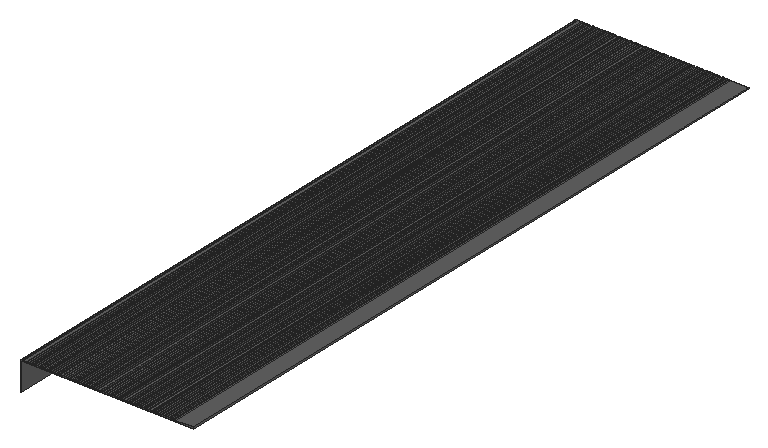
Revit family "111213010021804", category Modelos genéricos, Revit 2018
Family settings
  Puede alojar armadura = No
  Cota de conector redondo = Diámetro de uso
  Tipo de pieza = Normal
  Se basa en plano de trabajo = No
  Siempre vertical = No
  Corte con vacíos al cargar = No
  Compartido = No
  Punto de cálculo de habitación = No
Parameters (values of type "GRADA NEO PVC 300X50MM NEGRO TIRA 1.20")
  Ventajas = "Autoextinguible"
  Uso = "Fabricado en PVC, ideal para zonas de medio y alto trafico, con estrías\r\nantideslizantes. Ideal para: Edificios Públicos y Privados, Colegios, Universidades, Centros\r\ncomerciales, Aeropuertos, Hoteles, Edificios Habitacionales, entre otros."
  Unidad = "Tiras de 1.20 Mts y 3.00 Mts."
  URL = "https://www.empresascnp.cl/"
  Num SKUs = "111213010021804"
  Nombre SKU = "GRADA NEO PVC 300X50MM NEGRO TIRA 1.2MT"
  Modelo = "GRADA NEO PVC 300X50MM"
  Material = PVC flexible negro
  Url Ficha tecnica = "https://empresascnp.cl/wp-content/uploads//pdf/ficha-tecnica-grada-neo-pvc-300x50mm-gris-tira-1-2mt.pdf"
  Largo = 1200.00 mm
  Espesor = 2.00 mm
  Empresa = "CNP SPA."
  Dureza = "80 shore A"
  Dimension = 300.00 mm
  Descripción = "Grada Neo 300x50 MM."
  Contacto = "info@empresascnp.cl"
  Color = "NEGRO"
  Aplicacion = "Escaleras"
  Alto = 50.00 mm
Reference planes
  plane 1 "Center F/B": y = 0
  plane 2: z = 0
  plane 3 "Center L/R": x = 0
  plane 4: z = -50
  plane 5 "2": y = 600
  plane 6 "3": y = -600
  plane 7: x = 300
  plane 8: z = -2
  plane 9 "4": x = 2
Forms (mm)
  Extrusion 1, solid, material "PVC flexible negro" <- "Material"
    sketch origin (0, 0, 0) x (1, 0, 0) y (0, 0, 1)
      loop
        line (300, 0) -> (270, 0) -> (270, -0.79) -> (266, -0.79) -> (266, 0) -> (264, 0) -> (264, -0.79) -> (263, -0.79) -> (263, 0) -> (261, 0) -> (261, -0.79) -> (260, -0.79) -> (260, 0) -> (258, 0) -> (258, -0.79) -> (257, -0.79) -> (257, 0) -> (255, 0) -> (255, -0.79) -> (251, -0.79) -> (251, 0) -> (249, 0) -> (249, -0.79) -> (248, -0.79) -> (248, 0) -> (246, 0) -> (246, -0.79) -> (245, -0.79) -> (245, 0) -> (243, 0) -> (243, -0.79) -> (242, -0.79) -> (242, 0) -> (240, 0) -> (240, -0.79) -> (236, -0.79) -> (236, 0) -> (234, 0) -> (234, -0.79) -> (233, -0.79) -> (233, 0) -> (231, 0) -> (231, -0.79) -> (230, -0.79) -> (230, 0) -> (228, 0) -> (228, -0.79) -> (227, -0.79) -> (227, 0) -> (225, 0) -> (225, -0.79) -> (221, -0.79) -> (221, 0) -> (219, 0) -> (219, -0.79) -> (218, -0.79) -> (218, 0) -> (216, 0) -> (216, -0.79) -> (215, -0.79) -> (215, 0) -> (213, 0) -> (213, -0.79) -> (212, -0.79) -> (212, 0) -> (210, 0) -> (210, -0.79) -> (206, -0.79) -> (206, 0) -> (204, 0) -> (204, -0.79) -> (203, -0.79) -> (203, 0) -> (201, 0) -> (201, -0.79) -> (200, -0.79) -> (200, 0) -> (198, 0) -> (198, -0.79) -> (197, -0.79) -> (197, 0) -> (195, 0) -> (195, -0.79) -> (191, -0.79) -> (191, 0) -> (189, 0) -> (189, -0.79) -> (188, -0.79) -> (188, 0) -> (186, 0) -> (186, -0.79) -> (185, -0.79) -> (185, 0) -> (183, 0) -> (183, -0.79) -> (182, -0.79) -> (182, 0) -> (180, 0) -> (180, -0.79) -> (176, -0.79) -> (176, 0) -> (174, 0) -> (174, -0.79) -> (173, -0.79) -> (173, 0) -> (171, 0) -> (171, -0.79) -> (170, -0.79) -> (170, 0) -> (168, 0) -> (168, -0.79) -> (167, -0.79) -> (167, 0) -> (165, 0) -> (165, -0.79) -> (161, -0.79) -> (161, 0) -> (159, 0) -> (159, -0.79) -> (158, -0.79) -> (158, 0) -> (156, 0) -> (156, -0.79) -> (155, -0.79) -> (155, 0) -> (153, 0) -> (153, -0.79) -> (152, -0.79) -> (152, 0) -> (150, 0) -> (150, -0.79) -> (146, -0.79) -> (146, 0) -> (144, 0) -> (144, -0.79) -> (143, -0.79) -> (143, 0) -> (141, 0) -> (141, -0.79) -> (140, -0.79) -> (140, 0) -> (138, 0) -> (138, -0.79) -> (137, -0.79) -> (137, 0) -> (135, 0) -> (135, -0.79) -> (131, -0.79) -> (131, 0) -> (129, 0) -> (129, -0.79) -> (128, -0.79) -> (128, 0) -> (126, 0) -> (126, -0.79) -> (125, -0.79) -> (125, 0) -> (123, 0) -> (123, -0.79) -> (122, -0.79) -> (122, 0) -> (120, 0) -> (120, -0.79) -> (116, -0.79) -> (116, 0) -> (114, 0) -> (114, -0.79) -> (113, -0.79) -> (113, 0) -> (111, 0) -> (111, -0.79) -> (110, -0.79) -> (110, 0) -> (108, 0) -> (108, -0.79) -> (107, -0.79) -> (107, 0) -> (105, 0) -> (105, -0.79) -> (101, -0.79) -> (101, 0) -> (99, 0) -> (99, -0.79) -> (98, -0.79) -> (98, 0) -> (96, 0) -> (96, -0.79) -> (95, -0.79) -> (95, 0) -> (93, 0) -> (93, -0.79) -> (92, -0.79) -> (92, 0) -> (90, 0) -> (90, -0.79) -> (86, -0.79) -> (86, 0) -> (84, 0) -> (84, -0.79) -> (83, -0.79) -> (83, 0) -> (81, 0) -> (81, -0.79) -> (80, -0.79) -> (80, 0) -> (78, 0) -> (78, -0.79) -> (77, -0.79) -> (77, 0) -> (75, 0) -> (75, -0.79) -> (71, -0.79) -> (71, 0) -> (69, 0) -> (69, -0.79) -> (68, -0.79) -> (68, 0) -> (66, 0) -> (66, -0.79) -> (65, -0.79) -> (65, 0) -> (63, 0) -> (63, -0.79) -> (62, -0.79) -> (62, 0) -> (60, 0) -> (60, -0.79) -> (56, -0.79) -> (56, 0) -> (54, 0) -> (54, -0.79) -> (53, -0.79) -> (53, 0) -> (51, 0) -> (51, -0.79) -> (50, -0.79) -> (50, 0) -> (48, 0) -> (48, -0.79) -> (47, -0.79) -> (47, 0) -> (45, 0) -> (45, -0.79) -> (41, -0.79) -> (41, 0) -> (39, 0) -> (39, -0.79) -> (38, -0.79) -> (38, 0) -> (36, 0) -> (36, -0.79) -> (35, -0.79) -> (35, 0) -> (33, 0) -> (33, -0.79) -> (32, -0.79) -> (32, 0) -> (30, 0) -> (30, -0.79) -> (26, -0.79) -> (26, 0) -> (24, 0) -> (24, -0.79) -> (23, -0.79) -> (23, 0) -> (21, 0) -> (21, -0.79) -> (20, -0.79) -> (20, 0) -> (18, 0) -> (18, -0.79) -> (17, -0.79) -> (17, 0) -> (15, 0) -> (15, -0.79) -> (11, -0.79) -> (11, 0) -> (3, 0)
        arc (3, 0) -> (0.879, -0.879) -> (0, -3) r 3
        line (0, -3) -> (0, -50) -> (2, -50) -> (2, -3)
        arc (2, -3) -> (2.293, -2.293) -> (3, -2) r 1
        line (3, -2) -> (300, -2) -> (300, 0)
    from -600 to 600
Dimensions and locks
  "Alto": level to plane 4
  equal spacing: plane 6 "3", plane 1 "Center F/B", plane 5 "2"
  "Largo": plane 6 "3" to plane 5 "2"
  "Dimension": plane 7 to plane 3 "Center L/R"
  "Espesor": plane 2 to Extrusion 1 sketch curve
  "Espesor": Extrusion 1 sketch curve to plane 3 "Center L/R"
  aligned and locked: plane 6 "3" to Extrusion 1
  aligned and locked: Extrusion 1 to plane 5 "2"
  aligned and locked: Extrusion 1 sketch curve to plane 3 "Center L/R"
  aligned and locked: plane 2 to Extrusion 1 sketch curve
  aligned and locked: Extrusion 1 sketch curve to plane 7
  aligned and locked: plane 4 to Extrusion 1 sketch curve
Automatic sketch dimensions
  Extrusion 1 sketch curve to Extrusion 1 sketch curve = 0.00 mm  (x2)
  Extrusion 1 sketch curve to level = 0.00 mm  (x68)
  plane 9 "4" to Extrusion 1 sketch curve = 1.00 mm
  Extrusion 1 sketch curve to level = 0.79 mm  (x69)
  Extrusion 1 sketch curve to Extrusion 1 sketch curve = 8.00 mm
  Extrusion 1 sketch curve to Extrusion 1 sketch curve = 4.00 mm  (x18)
  Extrusion 1 sketch curve to Extrusion 1 sketch curve = 2.00 mm  (x68)
  Extrusion 1 sketch curve to Extrusion 1 sketch curve = 1.00 mm  (x51)
